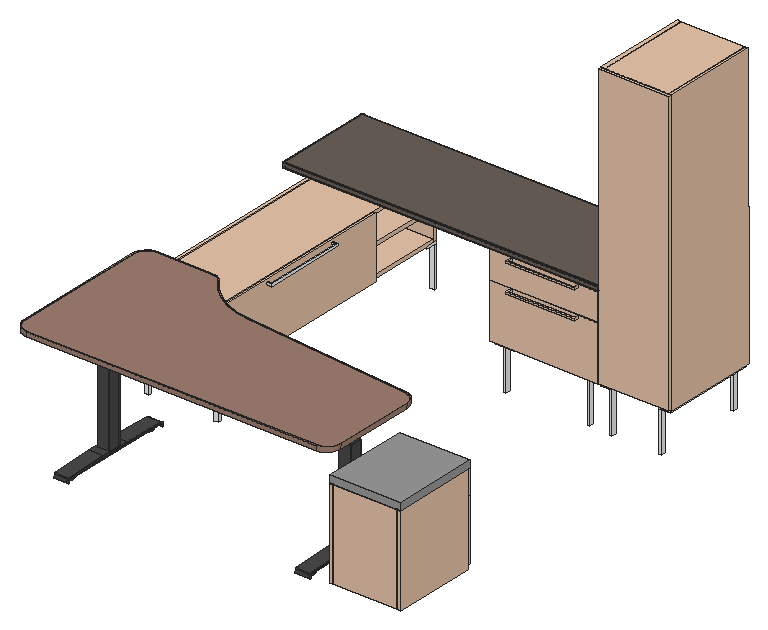
Revit family "OFS TYPICALS T100176", category Furniture, Revit 2022
Family settings
  OmniClass Number = 23.40.20.00
  OmniClass Title = General Furniture and Specialties
  Work Plane-Based = No
  Always vertical = Yes
  Cut with Voids When Loaded = No
  Render Appearance Source = Family Geometry
  Shared = No
  Room Calculation Point = No
Parameters (values of type "T100176")
  URL = "http://ofs.com/"
  Model = "T100176"
  Manufacturer = "OFS"
  Description = "OFS TYPICAL T100176"
  Default Elevation = 0' - 0"
  Copyright © = "©OFS 2024"
  Catalog = ""
  Authoring Version = "Autodesk Revit 2018"
  Assembly Code = "E2020200"
Reference planes (in)
  plane 1 "Center Front/Back": y = 0
  plane 2: z = 0
  plane 3 "Center Left/Right": x = 0
Dimensions and locks (in)
  nested 4 to nested 3 = 7' - 1.27582"
  nested 5 to nested 10 = 8' - 0"
  aligned and locked: level to plane 2
Nested families (in)
  nested 1: "STAKS MOBILE PEDESTAL" at (81.03721, -10.04414, 0) x (-1, 0, 0) z (0, 0, 1), type "STAKS MOBILE PEDESTAL Unfinished Top"
  nested 2: "STAKS SEAT CUSHION FOR MOBILE PEDESTAL" at (81.03721, -10.04414, 0) x (-1, 0, 0) z (0, 0, 1), type "STAKS SEAT CUSHION FOR MOBILE PEDESTAL"
  nested 3: "STAKS SINGLE DOOR STORAGE TOWERS" at (35.38012, 64.08365, 29.875), type "STAKS SINGLE DOOR STORAGE TOWER Right Hinged 62.5in"
    with Height Above Floor 3' - 6"
  nested 4: "OFS STAKS Stepped Credenza w Upper Organizer Left - 36+24W 16D - 6-6017SCBL" at (-16.11188, 5.94502, 0) x (0, 1, 0) z (0, 0, 1), type "Stepped Credenza Base Cabinet - 36+24W 23H 16D"
    with Standard Shelf Material OFS Materials - Hardwood - Cherry, Side 2 Standard Shelf yes, Side 2 Drawer yes, Side 1 Standard Shelf yes, Pull Material OFS Materials - Polished Aluminium - Dark, Legs Material OFS Materials - Polished Aluminium - Dark, Height Above Floor 1' - 11", Front Doors Material OFS Materials - Hardwood - Cherry, Chassis Material OFS Materials - Hardwood - Cherry, Back Material OFS Materials - Hardwood - Cherry
  nested 5: "STAKS RECTANGULAR WORKSURFACES Short Grain" at (-22.5832, 64.83365, 0), type "STAKS RECTANGULAR WORKSURFACE 22 x 69.625"
    with Height Above Floor 2' - 5"
  nested 6: "STAKS METAL BASE RECTANGULAR END" at (52.85144, 34.07002, 0) x (0, 1, 0) z (0, 0, 1), type "STAKS RECTANGULAR END METAL BASE"
    with Height Above Floor 0' - 9 1/2"
  nested 7: "STAKS LOW HEIGHT PEDESTAL WIDE - BOX-FILE - WITH RISER SUPPORT" at (21.64548, 42.99965, 5.75), type "STAKS LOW HEIGHT PEDESTAL WIDE - BOX-FILE - WITH RISER SUPPORT 24in W x 22in D"
  nested 8: "STAKS METAL BASE RECTANGULAR" at (23.81762, 47.70865, 0), type "STAKS RECTANGULAR METAL BASE"
    with Height Above Floor 0' - 9 1/2"
  nested 9: "STAKS RISER SUPPORT PANELS P _ T SHAPED" at (0, 57.37465, 0.375), type "STAKS RISER SUPPORT PANEL P SHAPE 10 X 9.5"
  nested 10: "OFS STAKS HEIGHT ADJUSTABLE WING TOP Right" at (20.11798, -17.62486, 0) x (-1, 0, 0) z (0, 0, 1), type "HA Wing Top Right 70x36"
  nested 11: "STAKS METAL BASE RECTANGULAR" at (61.42758, 47.70865, 0) x (-1, 0, 0) z (0, 0, 1), type "STAKS RECTANGULAR METAL BASE"
    with Height Above Floor 0' - 9 1/2"
  nested 12: "STAKS METAL BASE RECTANGULAR" at (23.81762, 56.29135, 0), type "STAKS RECTANGULAR METAL BASE"
    with Height Above Floor 0' - 9 1/2"
  nested 13: "STAKS METAL BASE RECTANGULAR" at (61.42758, 56.29135, 0) x (-1, 0, 0) z (0, 0, 1), type "STAKS RECTANGULAR METAL BASE"
    with Height Above Floor 0' - 9 1/2"
  nested 14: "STAKS METAL BASE RECTANGULAR END" at (72.01875, 34.07002, 0) x (0, 1, 0) z (0, 0, 1), type "STAKS RECTANGULAR END METAL BASE"
    with Height Above Floor 0' - 9 1/2"
Definition of nested family "STAKS MOBILE PEDESTAL"
  Parameters (values of type "STAKS MOBILE PEDESTAL Finished Top")
    Wheel Caster Material = none
    URL = "http://www.ofs.com/"
    Top Thickness = 0' - 1 1/8"
    Top Surface Material = none
    Surface = yes
    Riser Support = 0' - 0 1/2"
    Model = "6-1619MP7"
    Manufacturer = "OFS"
    Height = 1' - 8 1/4"
    Drawer Material = none
    Drawer Handle Width = 0' - 5 7/16"
    Drawer Handle Material = none
    Description = "OFS STAKS MOBILE PEDESTAL Finished Top, No Cushion"
    Width = 1' - 3 5/8"
    Depth = 1' - 7 1/4"
    Default Elevation = 0' - 0"
    DH2 = 0' - 6 1/2"
    DH1 = 1' - 2 3/8"
    Copyright © = "© 2018 OFS"
    Chasis Material = none
    Catalog = "https://ofs.com/products/casegoods/private-office/staks"
    Board Thickness = 0' - 0 3/4"
    Authoring Version = "Autodesk Revit Architecture 2013"
    Assembly Code = "E2020200"
  Types (2): name | Surface | Model | Description
    STAKS MOBILE PEDESTAL Finished Top | yes | "6-1619MP7" | "OFS STAKS MOBILE PEDESTAL Finished Top, No Cushion"
    STAKS MOBILE PEDESTAL Unfinished Top | no | "6-1619MP8" | "OFS STAKS MOBILE PEDESTAL Unfinished Top, Must use with Cushion"
  Reference planes (in)
    plane 1: z = 0
    plane 2 "Right": x = 20.97711
    plane 3: z = 20.125
    plane 4: z = 14.875
    plane 5: z = 14.75
    plane 6: z = 0.5
    plane 7: z = 14.5
    plane 8: z = 19.875
    plane 9: z = 14.031
    plane 10: z = 19.40625
    plane 11: x = 13.16461
    plane 12: y = 1.50035
    plane 13: y = 0.75035
    plane 14: x = 13.22711
    plane 15: x = 28.72661
    plane 16: x = 13.91461
    plane 17: y = 20.00035
    plane 18: x = 28.78961
    plane 19: x = 28.03961
    plane 20: x = 18.25836
    plane 21: x = 18.63336
    plane 22: x = 23.69586
    plane 23: x = 23.32086
    plane 24: y = -0.06215
    plane 25: y = -0.24965
    plane 26: z = 0.75
    plane 27: y = 19.25035
    plane 28: z = 1.25
    plane 29: z = 20.25
    plane 30: z = 21.375
    plane 31: z = 2.25
    plane 32: z = 3
  Forms (in)
    Extrusion 1, solid, material <- "Drawer Material"
      sketch origin (20.35211, 2.25, -7.68015) x (0, 1, 0) y (0, 0, 1)
        loop
          line (-1.49965, 27.80515) -> (-1.49965, 22.55515) -> (-0.74965, 22.55515) -> (-0.74965, 27.80515) -> (-1.49965, 27.80515)
      from -7.125 to 8.3745
    Extrusion 2, solid, material <- "Chasis Material"
      sketch origin (-3, -1.24965, 0) x (1, 0, 0) y (0, 0, 1)
        loop
          line (16.16461, 0.5) -> (16.91461, 0.5) -> (16.91461, 20.125) -> (16.16461, 20.125) -> (16.16461, 0.5)
      from -21.25 to -2.75
    Extrusion 3, solid, material <- "Chasis Material"
      sketch origin (19.35211, 31.02324, 0) x (0, 1, 0) y (0, 0, 1)
        loop
          line (-11.77289, 0.5) -> (-11.02289, 0.5) -> (-11.02289, 20.125) -> (-11.77289, 20.125) -> (-11.77289, 0.5)
      from -5.4375 to 8.6875
    Extrusion 4, solid, material <- "Drawer Handle Material"
      sketch origin (9, 0, 20.67137) x (1, 0, 0) y (0, 1, 0)
        loop
          line (9.25836, 0.75035) -> (9.25836, -0.24965) -> (14.69586, -0.24965) -> (14.69586, 0.75035) -> (14.32086, 0.75035) -> (14.32086, -0.06215) -> (9.63336, -0.06215) -> (9.63336, 0.75035) -> (9.25836, 0.75035)
      from -1.26512 to -0.79637
    Extrusion 5, solid, material <- "Chasis Material"
      sketch origin (0, 0, 0) x (1, 0, 0) y (0, 1, 0)
        loop
          line (28.78961, 20.00035) -> (28.03961, 20.00035) -> (28.03961, 1.50035) -> (28.78961, 1.50035) -> (28.78961, 20.00035)
      from 0.5 to 20.125
    Extrusion 6, solid, material <- "Chasis Material"
      sketch origin (-29.79592, -7.12465, 7.24693) x (1, 0, 0) y (0, 0, 1)
        loop
          line (43.71054, 12.15932) -> (57.83554, 12.15932) -> (57.83554, 12.87807) -> (43.71054, 12.87807) -> (43.71054, 12.15932)
      from -26.375 to -8.625
    Extrusion 7, solid, material <- "Chasis Material"
      sketch origin (-31.5409, -1.62465, -42.72261) x (1, 0, 0) y (0, 0, 1)
        loop
          line (45.45551, 44.97261) -> (59.58051, 44.97261) -> (59.58051, 45.72261) -> (45.45551, 45.72261) -> (45.45551, 44.97261)
      from -20.875 to -3.125
    Extrusion 8, solid
      sketch origin (0, 0, 0) x (1, 0, 0) y (0, 1, 0)
        loop
          line (28.72661, 20.00035) -> (28.03961, 20.00035) -> (28.03961, 1.50035) -> (28.72661, 1.50035) -> (28.72661, 20.00035)
        loop
          line (13.22711, 20.00035) -> (13.22711, 1.50035) -> (13.91461, 1.50035) -> (13.91461, 20.00035) -> (13.22711, 20.00035)
      from 20.125 to 20.25
    Extrusion 9, solid, material <- "Wheel Caster Material"
      sketch origin (-12.02289, 0, 0) x (0, 1, 0) y (0, 0, 1)
        loop
          circle (17.50791, 0.94006) r 0.94006
        loop
          arc (16.53801, 0.5) -> (17.50791, 2.00512) -> (18.47781, 0.5) r 1.06506
          line (18.47781, 0.5) -> (18.61362, 0.5)
          arc (18.61362, 0.5) -> (17.50791, 2.13012) -> (16.4022, 0.5) r 1.19006
          line (16.4022, 0.5) -> (16.53801, 0.5)
        loop
          circle (3.25244, 0.94006) r 0.94006
        loop
          arc (2.28254, 0.5) -> (3.25244, 2.00512) -> (4.22233, 0.5) r 1.06506
          line (4.22233, 0.5) -> (4.35815, 0.5)
          arc (4.35815, 0.5) -> (3.25244, 2.13012) -> (2.14673, 0.5) r 1.19006
          line (2.14673, 0.5) -> (2.28254, 0.5)
      from 26.37597 to 26.87077
    Extrusion 10, solid, material <- "Wheel Caster Material"
      sketch origin (-10.98383, 0, 0) x (0, 1, 0) y (0, 0, 1)
        loop
          circle (17.50791, 0.94006) r 0.94006
        loop
          arc (16.53801, 0.5) -> (17.50791, 2.00512) -> (18.47781, 0.5) r 1.06506
          line (18.47781, 0.5) -> (18.61362, 0.5)
          arc (18.61362, 0.5) -> (17.50791, 2.13012) -> (16.4022, 0.5) r 1.19006
          line (16.4022, 0.5) -> (16.53801, 0.5)
        loop
          circle (3.25244, 0.94006) r 0.94006
        loop
          arc (2.28254, 0.5) -> (3.25244, 2.00512) -> (4.22233, 0.5) r 1.06506
          line (4.22233, 0.5) -> (4.35815, 0.5)
          arc (4.35815, 0.5) -> (3.25244, 2.13012) -> (2.14673, 0.5) r 1.19006
          line (2.14673, 0.5) -> (2.28254, 0.5)
      from 26.37597 to 26.87077
    Extrusion 11, solid, material <- "Wheel Caster Material"
      sketch origin (53.97711, 0, 0) x (0, 1, 0) y (0, 0, -1)
        loop
          circle (17.50791, -0.94006) r 0.94006
        loop
          line (16.53801, -0.5) -> (16.4022, -0.5)
          arc (16.4022, -0.5) -> (17.50791, -2.13012) -> (18.61362, -0.5) r 1.19006
          line (18.61362, -0.5) -> (18.47781, -0.5)
          arc (18.47781, -0.5) -> (17.50791, -2.00512) -> (16.53801, -0.5) r 1.06506
        loop
          circle (3.25244, -0.94006) r 0.94006
        loop
          line (2.28254, -0.5) -> (2.14673, -0.5)
          arc (2.14673, -0.5) -> (3.25244, -2.13012) -> (4.35815, -0.5) r 1.19006
          line (4.35815, -0.5) -> (4.22233, -0.5)
          arc (4.22233, -0.5) -> (3.25244, -2.00512) -> (2.28254, -0.5) r 1.06506
      from 26.37597 to 26.87077
    Extrusion 12, solid, material <- "Wheel Caster Material"
      sketch origin (52.93805, 0, 0) x (0, 1, 0) y (0, 0, -1)
        loop
          circle (17.50791, -0.94006) r 0.94006
        loop
          line (16.53801, -0.5) -> (16.4022, -0.5)
          arc (16.4022, -0.5) -> (17.50791, -2.13012) -> (18.61362, -0.5) r 1.19006
          line (18.61362, -0.5) -> (18.47781, -0.5)
          arc (18.47781, -0.5) -> (17.50791, -2.00512) -> (16.53801, -0.5) r 1.06506
        loop
          circle (3.25244, -0.94006) r 0.94006
        loop
          line (2.28254, -0.5) -> (2.14673, -0.5)
          arc (2.14673, -0.5) -> (3.25244, -2.13012) -> (4.35815, -0.5) r 1.19006
          line (4.35815, -0.5) -> (4.22233, -0.5)
          arc (4.22233, -0.5) -> (3.25244, -2.00512) -> (2.28254, -0.5) r 1.06506
      from 26.37597 to 26.87077
    Extrusion 13, solid, material <- "Top Surface Material", visible <- "Surface"
      sketch origin (-25.91712, 0.87535, -18.36336) x (1, 0, 0) y (0, 0, 1)
        loop
          line (39.08173, 38.61336) -> (54.70673, 38.61336) -> (54.70673, 39.73836) -> (39.08173, 39.73836) -> (39.08173, 38.61336)
      from -19.125 to 0.125
    Extrusion 14, solid, material <- "Top Surface Material", visible <- "Surface"
      sketch origin (-25.91712, 0.87535, -24.36336) x (1, 0, 0) y (0, 0, 1)
        loop
          line (39.83173, 38.39436) -> (53.95673, 38.39436) -> (53.95673, 39.23836) -> (39.83173, 39.23836) -> (39.83173, 38.39436)
      from -18.375 to -0.625
    Extrusion 15, solid, material <- "Drawer Material"
      sketch origin (16.97736, 2.25, -16.30921) x (0, 1, 0) y (0, 0, 1)
        loop
          line (-1.49965, 31.05921) -> (-1.49965, 17.55921) -> (-0.74965, 17.55921) -> (-0.74965, 31.05921) -> (-1.49965, 31.05921)
      from -3.75025 to 11.74925
    Extrusion 16, solid, material <- "Drawer Handle Material"
      sketch origin (8.56588, 0, 18.20936) x (1, 0, 0) y (0, 1, 0)
        loop
          line (9.69248, 0.75035) -> (9.69248, -0.24965) -> (15.12998, -0.24965) -> (15.12998, 0.75035) -> (14.75498, 0.75035) -> (14.75498, -0.06215) -> (10.06748, -0.06215) -> (10.06748, 0.75035) -> (9.69248, 0.75035)
      from -4.17836 to -3.70936
  Dimensions and locks (in)
    "Board Thickness": plane 13 to plane 12
    locked: plane 11 to plane 14 at 0.0625
    "Board Thickness": plane 11 to plane 16
    locked: plane 15 to plane 18 at 0.063
    "Width": plane 11 to plane 18
    Extrusion 5 sketch curve to plane 18 = 0' - 0 3/4"
    "Board Thickness": plane 19 to plane 18
    equal spacing: plane 11, plane 2 "Right", plane 18
    locked: plane 20 to plane 21 at 0.375
    locked: plane 23 to plane 22 at 0.375
    equal spacing: plane 20, plane 2 "Right", plane 22
    "Drawer Handle Width": plane 20 to plane 22
    plane 25 to plane 24 to plane 13 = 0' - 0 3/16" locked, 0' - 0 13/16" locked
    "Riser Support": plane 6 to level
    "DH1": plane 4 to plane 6
    locked: plane 26 to plane 6 at 0.25
    "Board Thickness": plane 27 to plane 17
    "Depth": plane 13 to plane 17
    plane 4 to plane 5 to plane 7 to plane 9 = 0' - 0 1/8" locked, 0' - 0 1/4" locked, 0' - 0.469" locked
    plane 3 to plane 8 to plane 10 = 0' - 0 1/4" locked, 0' - 0 15/32" locked
    "Board Thickness": plane 28 to plane 6
    locked: plane 29 to plane 3 at 0.125
    "Top Thickness": plane 30 to plane 29
    "Height": plane 29 to level
    locked: plane 31 to plane 28 at 1
    locked: plane 32 to plane 31 at 0.75
    aligned and locked: level to plane 1
    aligned and locked: Extrusion 1 to plane 12
    aligned and locked: plane 13 to Extrusion 1
    aligned and locked: plane 15 to Extrusion 1
    aligned and locked: Extrusion 1 to plane 14
    aligned and locked: plane 12 to Extrusion 2
    aligned and locked: Extrusion 2 to plane 17
    aligned and locked: Extrusion 3 to plane 16
    aligned and locked: plane 16 to Extrusion 2
    aligned and locked: Extrusion 2 to plane 11
    aligned and locked: Extrusion 3 to plane 17
    aligned and locked: plane 19 to Extrusion 3
    aligned and locked: plane 3 to Extrusion 2
    aligned and locked: Extrusion 4 to plane 22
    aligned and locked: plane 23 to Extrusion 4
    aligned and locked: plane 21 to Extrusion 4
    aligned and locked: Extrusion 4 to plane 20
    aligned and locked: plane 24 to Extrusion 4
    aligned and locked: plane 3 to Extrusion 3
    aligned and locked: Extrusion 5 to plane 19
    aligned and locked: plane 3 to Extrusion 5
    aligned and locked: Extrusion 5 to plane 6
    aligned and locked: plane 3 to Extrusion 6
    aligned and locked: Extrusion 6 to plane 10
    aligned and locked: Extrusion 7 to plane 27
    aligned and locked: plane 12 to Extrusion 7
    aligned and locked: plane 19 to Extrusion 7
    aligned and locked: Extrusion 7 to plane 16
    aligned and locked: Extrusion 8 to plane 3
    aligned and locked: plane 29 to Extrusion 8
    aligned and locked: plane 3 to Extrusion 1
    aligned and locked: plane 8 to Extrusion 4
    aligned and locked: Extrusion 4 to plane 10
    aligned and locked: Extrusion 6 to plane 27
    aligned and locked: plane 12 to Extrusion 6
    aligned and locked: Extrusion 7 to plane 31
    aligned and locked: plane 32 to Extrusion 7
    aligned and locked: Extrusion 13 to plane 29
    aligned and locked: plane 30 to Extrusion 13
    aligned and locked: Extrusion 13 to plane 17
    aligned and locked: Extrusion 13 to plane 11
    aligned and locked: plane 18 to Extrusion 13
    aligned and locked: plane 13 to Extrusion 13
    aligned and locked: Extrusion 14 to plane 9
    aligned and locked: plane 4 to Extrusion 14
    aligned and locked: Extrusion 14 to plane 16
    aligned and locked: plane 19 to Extrusion 14
    aligned and locked: Extrusion 14 to plane 27
    aligned and locked: plane 12 to Extrusion 14
    aligned and locked: Extrusion 1 to plane 4
    aligned and locked: plane 5 to Extrusion 15
    aligned and locked: Extrusion 15 to plane 14
    aligned and locked: plane 15 to Extrusion 15
    aligned and locked: Extrusion 15 to plane 28
    aligned and locked: plane 21 to Extrusion 16
    aligned and locked: Extrusion 16 to plane 20
    aligned and locked: Extrusion 16 to plane 22
    aligned and locked: plane 23 to Extrusion 16
    aligned and locked: Extrusion 16 to plane 9
    aligned and locked: plane 7 to Extrusion 16
  Automatic sketch dimensions
    Extrusion 1 sketch curve to plane 3 = 0' - 0"
    Extrusion 1 sketch curve to plane 13 = 0' - 0"
    Extrusion 1 sketch curve to plane 4 = 0' - 0"
    Extrusion 1 sketch curve to plane 12 = 0' - 0"
    Extrusion 2 sketch curve to plane 6 = 0' - 0"
    Extrusion 2 sketch curve to plane 11 = 0' - 0"
    Extrusion 2 sketch curve to plane 3 = 0' - 0"
    Extrusion 2 sketch curve to plane 16 = 0' - 0"
    Extrusion 3 sketch curve to plane 6 = 0' - 0"
    Extrusion 3 sketch curve to plane 3 = 0' - 0"
    Extrusion 3 sketch curve to plane 17 = 0' - 0"
    plane 27 to Extrusion 3 sketch curve = 0' - 0"
    plane 13 to Extrusion 4 sketch curve = 0' - 0"  (x2)
    Extrusion 4 sketch curve to plane 20 = 0' - 0"
    Extrusion 4 sketch curve to plane 21 = 0' - 0"
    Extrusion 4 sketch curve to plane 23 = 0' - 0"
    Extrusion 4 sketch curve to plane 22 = 0' - 0"
    plane 25 to Extrusion 4 sketch curve = 0' - 0"
    plane 24 to Extrusion 4 sketch curve = 0' - 0"
    plane 12 to Extrusion 5 sketch curve = 0' - 0"
    Extrusion 5 sketch curve to plane 18 = 0' - 0"
    plane 17 to Extrusion 5 sketch curve = 0' - 0"
    Extrusion 6 sketch curve to plane 10 = 0' - 0"
    Extrusion 6 sketch curve to plane 16 = 0' - 0"
    Extrusion 6 sketch curve to plane 3 = 0' - 0"
    Extrusion 6 sketch curve to plane 19 = 0' - 0"
    Extrusion 7 sketch curve to plane 16 = 0' - 0"
    Extrusion 7 sketch curve to plane 19 = 0' - 0"
    Extrusion 7 sketch curve to plane 31 = 0' - 0"
    Extrusion 7 sketch curve to plane 32 = 0' - 0"
    plane 12 to Extrusion 8 sketch curve = 0' - 0"  (x2)
    Extrusion 8 sketch curve to plane 14 = 0' - 0"
    Extrusion 8 sketch curve to plane 16 = 0' - 0"
    plane 17 to Extrusion 8 sketch curve = 0' - 0"  (x2)
    Extrusion 8 sketch curve to plane 19 = 0' - 0"
    Extrusion 8 sketch curve to plane 15 = 0' - 0"
    Extrusion 9 sketch curve to Extrusion 9 sketch curve = 0' - 0"  (x12)
    Extrusion 9 sketch curve to plane 6 = 0' - 0"  (x6)
    Extrusion 9 sketch curve to plane 12 = 0' - 0.64638"
    Extrusion 9 sketch curve to Extrusion 9 sketch curve = 0' - 0.13581"  (x2)
    Extrusion 9 sketch curve to Extrusion 9 sketch curve = 0' - 1.93979"
    plane 27 to Extrusion 9 sketch curve = 0' - 2.84815"
    plane 26 to Extrusion 9 sketch curve = 0' - 0.19006"  (x2)
    Extrusion 9 sketch curve to Extrusion 9 sketch curve = 0' - 0.9699"
    Extrusion 10 sketch curve to Extrusion 10 sketch curve = 0' - 0"  (x12)
    Extrusion 10 sketch curve to plane 6 = 0' - 0"  (x6)
    Extrusion 10 sketch curve to plane 12 = 0' - 0.64638"
    Extrusion 10 sketch curve to Extrusion 10 sketch curve = 0' - 0.13581"  (x2)
    Extrusion 10 sketch curve to Extrusion 10 sketch curve = 0' - 1.93979"
    plane 27 to Extrusion 10 sketch curve = 0' - 2.84815"
    plane 26 to Extrusion 10 sketch curve = 0' - 0.19006"  (x2)
    Extrusion 10 sketch curve to Extrusion 10 sketch curve = 0' - 0.9699"
    Extrusion 11 sketch curve to Extrusion 11 sketch curve = 0' - 0"  (x12)
    Extrusion 11 sketch curve to plane 6 = 0' - 0"  (x6)
    Extrusion 11 sketch curve to plane 12 = 0' - 0.64638"
    Extrusion 11 sketch curve to Extrusion 11 sketch curve = 0' - 0.13581"  (x2)
    Extrusion 11 sketch curve to Extrusion 11 sketch curve = 0' - 1.93979"
    plane 27 to Extrusion 11 sketch curve = 0' - 2.84815"
    plane 26 to Extrusion 11 sketch curve = 0' - 0.19006"  (x2)
    Extrusion 11 sketch curve to Extrusion 11 sketch curve = 0' - 0.9699"
    Extrusion 12 sketch curve to Extrusion 12 sketch curve = 0' - 0"  (x12)
    Extrusion 12 sketch curve to plane 6 = 0' - 0"  (x6)
    Extrusion 12 sketch curve to plane 12 = 0' - 0.64638"
    Extrusion 12 sketch curve to Extrusion 12 sketch curve = 0' - 0.13581"  (x2)
    Extrusion 12 sketch curve to Extrusion 12 sketch curve = 0' - 1.93979"
    plane 27 to Extrusion 12 sketch curve = 0' - 2.84815"
    plane 26 to Extrusion 12 sketch curve = 0' - 0.19006"  (x2)
    Extrusion 12 sketch curve to Extrusion 12 sketch curve = 0' - 0.9699"
    Extrusion 13 sketch curve to plane 11 = 0' - 0"
    Extrusion 13 sketch curve to plane 18 = 0' - 0"
    Extrusion 13 sketch curve to plane 29 = 0' - 0"
    Extrusion 13 sketch curve to plane 30 = 0' - 0"
    Extrusion 14 sketch curve to plane 9 = 0' - 0"
    Extrusion 14 sketch curve to plane 16 = 0' - 0"
    Extrusion 14 sketch curve to plane 4 = 0' - 0"
    Extrusion 14 sketch curve to plane 19 = 0' - 0"
    Extrusion 15 sketch curve to plane 5 = 0' - 0"
    Extrusion 15 sketch curve to plane 13 = 0' - 0"
    Extrusion 15 sketch curve to plane 12 = 0' - 0"
    Extrusion 15 sketch curve to plane 28 = 0' - 0"
    plane 13 to Extrusion 16 sketch curve = 0' - 0"  (x2)
    plane 25 to Extrusion 16 sketch curve = 0' - 0"
    plane 24 to Extrusion 16 sketch curve = 0' - 0"
    Extrusion 16 sketch curve to plane 20 = 0' - 0"
    plane 20 to Extrusion 16 sketch curve = 0' - 0 3/8"
    plane 23 to Extrusion 16 sketch curve = 0' - 0"
    Extrusion 16 sketch curve to plane 23 = 0' - 0 3/8"
    radius of Extrusion 9 sketch curve = 0' - 0.94006"  (x2)
    radius of Extrusion 10 sketch curve = 0' - 0.94006"  (x2)
    radius of Extrusion 11 sketch curve = 0' - 0.94006"  (x2)
    radius of Extrusion 12 sketch curve = 0' - 0.94006"  (x2)
Definition of nested family "STAKS SEAT CUSHION FOR MOBILE PEDESTAL"
  Parameters (values of type "STAKS SEAT CUSHION FOR MOBILE PEDESTAL")
    URL = "http://www.ofs.com/"
    Default Elevation = 0' - 0"
    Cushion Thickness = 0' - 1 1/2"
    Cushion Material = none
    Model = "6-1619SC2"
    Manufacturer = "OFS"
    Height = 1' - 8 1/4"
    Description = "OFS STAKS SEAT CUSHION FOR MOBILE PEDESTAL,"
    Width = 1' - 3 5/8"
    Depth = 1' - 7 1/4"
    Copyright © = "© 2018 OFS"
    Catalog = "https://ofs.com/products/casegoods/private-office/staks"
    Authoring Version = "Autodesk Revit Architecture 2013"
    Assembly Code = "E2020200"
  Reference planes (in)
    plane 1: z = 0
    plane 2 "Right": x = 20.97711
    plane 3: x = 13.16461
    plane 4: y = 1.50035
    plane 5: y = 0.75035
    plane 6: y = 20.00035
    plane 7: x = 28.78961
    plane 8: y = -0.06215
    plane 9: y = -0.24965
    plane 10: y = 19.25035
    plane 11: z = 20.25
    plane 12: z = 21.75
  Forms (in)
    Extrusion 1, solid, material <- "Cushion Material"
      sketch origin (-25.91712, 0.87535, -18.36336) x (1, 0, 0) y (0, 0, 1)
        loop
          line (39.08173, 38.61336) -> (54.70673, 38.61336) -> (54.70673, 40.11336) -> (39.08173, 40.11336) -> (39.08173, 38.61336)
      from -19.125 to 0.125
  Dimensions and locks (in)
    locked: plane 5 to plane 4 at 0.75
    "Width": plane 3 to plane 7
    equal spacing: plane 3, plane 2 "Right", plane 7
    plane 9 to plane 8 to plane 5 = 0' - 0 3/16" locked, 0' - 0 13/16" locked
    locked: plane 10 to plane 6 at 0.75
    "Depth": plane 5 to plane 6
    "Cushion Thickness": plane 12 to plane 11
    "Height": plane 11 to level
    aligned and locked: level to plane 1
    aligned and locked: Extrusion 1 to plane 11
    aligned and locked: plane 12 to Extrusion 1
    aligned and locked: Extrusion 1 to plane 6
    aligned and locked: Extrusion 1 to plane 3
    aligned and locked: plane 7 to Extrusion 1
    aligned and locked: plane 5 to Extrusion 1
  Automatic sketch dimensions
    Extrusion 1 sketch curve to plane 3 = 0' - 0"
    Extrusion 1 sketch curve to plane 7 = 0' - 0"
    Extrusion 1 sketch curve to plane 11 = 0' - 0"
    Extrusion 1 sketch curve to plane 12 = 0' - 0"
Definition of nested family "STAKS SINGLE DOOR STORAGE TOWERS"
  Parameters (values of type "STAKS SINGLE DOOR STORAGE TOWER Right Hinged 54in")
    URL = "http://www.ofs.com/"
    Right Hinged = yes
    Left Hinged = no
    Height Above Floor [instance] = 4' - 6"
    Height = 4' - 6"
    Front Doors Material = none
    Default Elevation = 0' - 0"
    Back Material = none
    Depth = 1' - 9 7/8"
    Model = "6-1654RSC1"
    Manufacturer = "OFS"
    Description = "OFS STAKS SINGLE DOOR STORAGE TOWER, Right Hinged, 54in Height, Enhance Privacy, Support Worksurfaces and Store Personal Items"
    Width = 1' - 3 5/8"
    Copyright © = "© 2018 OFS"
    Catalog = "https://ofs.com/products/casegoods/private-office/staks"
    Board Material = none
    Board Thickness = 0' - 0 3/4"
    Authoring Version = "Autodesk Revit Architecture 2013"
    Assembly Code = "E2020200"
  Types (12): name | Right Hinged | Left Hinged | Height Above Floor | Height | Model | Description
    STAKS SINGLE DOOR STORAGE TOWER Left Hinged 42in | no | yes | 3' - 6" | 3' - 6" | "6-1642LSC1" | "OFS STAKS SINGLE DOOR STORAGE TOWER, Left Hinged, 42in Height, Enhance Privacy, Support Worksurfaces and Store Personal Items"
    STAKS SINGLE DOOR STORAGE TOWER Right Hinged 42in | yes | no | 3' - 6" | 3' - 6" | "6-1642RSC1" | "OFS STAKS SINGLE DOOR STORAGE TOWER, Right Hinged, 42in Height, Enhance Privacy, Support Worksurfaces and Store Personal Items"
    STAKS SINGLE DOOR STORAGE TOWER Left Hinged 48in | no | yes | 4' - 0" | 4' - 0" | "6-1648LSC1" | "OFS STAKS SINGLE DOOR STORAGE TOWER, Left Hinged, 48in Height, Enhance Privacy, Support Worksurfaces and Store Personal Items"
    STAKS SINGLE DOOR STORAGE TOWER Left Hinged 54in | no | yes | 4' - 6" | 4' - 6" | "6-1654LSC1" | "OFS STAKS SINGLE DOOR STORAGE TOWER, Left Hinged, 54in Height, Enhance Privacy, Support Worksurfaces and Store Personal Items"
    STAKS SINGLE DOOR STORAGE TOWER Left Hinged 62.5in | no | yes | 5' - 2 1/2" | 5' - 2 1/2" | "6-1663LSC1" | "OFS STAKS SINGLE DOOR STORAGE TOWER, Left Hinged, 62.5in Height, Enhance Privacy, Support Worksurfaces and Store Personal Items"
    STAKS SINGLE DOOR STORAGE TOWER Left Hinged 72in | no | yes | 6' - 0" | 6' - 0" | "6-1672LSC1" | "OFS STAKS SINGLE DOOR STORAGE TOWER, Left Hinged, 72in Height, Enhance Privacy, Support Worksurfaces and Store Personal Items"
    STAKS SINGLE DOOR STORAGE TOWER Left Hinged 84in | no | yes | 7' - 0" | 7' - 0" | "6-1684LSC1" | "OFS STAKS SINGLE DOOR STORAGE TOWER, Left Hinged, 84in Height, Enhance Privacy, Support Worksurfaces and Store Personal Items"
    STAKS SINGLE DOOR STORAGE TOWER Right Hinged 48in | yes | no | 4' - 0" | 4' - 0" | "6-1648RSC1" | "OFS STAKS SINGLE DOOR STORAGE TOWER, Right Hinged, 48in Height, Enhance Privacy, Support Worksurfaces and Store Personal Items"
    STAKS SINGLE DOOR STORAGE TOWER Right Hinged 54in | yes | no | 4' - 6" | 4' - 6" | "6-1654RSC1" | "OFS STAKS SINGLE DOOR STORAGE TOWER, Right Hinged, 54in Height, Enhance Privacy, Support Worksurfaces and Store Personal Items"
    STAKS SINGLE DOOR STORAGE TOWER Right Hinged 62.5in | yes | no | 5' - 2 1/2" | 5' - 2 1/2" | "6-1663RSC1" | "OFS STAKS SINGLE DOOR STORAGE TOWER, Right Hinged, 62.5in Height, Enhance Privacy, Support Worksurfaces and Store Personal Items"
    STAKS SINGLE DOOR STORAGE TOWER Right Hinged 72in | yes | no | 6' - 0" | 6' - 0" | "6-1672RSC1" | "OFS STAKS SINGLE DOOR STORAGE TOWER, Right Hinged, 72in Height, Enhance Privacy, Support Worksurfaces and Store Personal Items"
    STAKS SINGLE DOOR STORAGE TOWER Right Hinged 84in | yes | no | 7' - 0" | 7' - 0" | "6-1684RSC1" | "OFS STAKS SINGLE DOOR STORAGE TOWER, Right Hinged, 84in Height, Enhance Privacy, Support Worksurfaces and Store Personal Items"
  Reference planes (in)
    plane 1: z = -0.125
    plane 2 "LEFT": x = 19.24248
    plane 3 "RIGHT": x = 34.86748
    plane 4 "BACK": y = -1.83365
    plane 5 "FRONT": y = -22.20865
    plane 6: x = 19.99248
    plane 7: x = 34.11748
    plane 8: z = -0.125
    plane 9 "SURFACE TOP": z = 53.875
    plane 10: z = 0.625
    plane 11: x = 27.05498
    plane 12: z = 53.125
    plane 13: y = -12.02115
    plane 14: y = -11.64615
    plane 15: y = -12.39615
    plane 16: x = 27.42998
    plane 17: x = 26.67998
    plane 18: y = -1.08365
    plane 19: y = -22.95865
    plane 20: x = 34.80498
    plane 21: x = 19.30498
    plane 22: x = 27.08623
    plane 23: x = 27.02373
    plane 24: z = 0.125
    plane 25: z = 53.8125
  Forms (in)
    Extrusion 1, solid, material <- "Board Material"
      sketch origin (0, 0, 53.875) x (0, 1, 0) y (-1, 0, 0)
        loop
          line (-1.83365, -19.99248) -> (-22.20865, -19.99248) -> (-22.20865, -34.11748) -> (-1.83365, -34.11748) -> (-1.83365, -19.99248)
      from -53.25 to -54
    Extrusion 2, solid, material <- "Board Material"
      sketch origin (0, 0, 53.875) x (0, 1, 0) y (-1, 0, 0)
        loop
          line (-1.08365, -19.99248) -> (-1.08365, -19.24248) -> (-22.20865, -19.24248) -> (-22.20865, -19.99248) -> (-1.08365, -19.99248)
        loop
          line (-1.08365, -34.86748) -> (-1.08365, -34.11748) -> (-22.20865, -34.11748) -> (-22.20865, -34.86748) -> (-1.08365, -34.86748)
      from 0 to -54
    Extrusion 3, solid, material <- "Board Material"
      sketch origin (0, 0, 27.375) x (0, 1, 0) y (-1, 0, 0)
        loop
          line (-1.08365, -19.99248) -> (-22.20865, -19.99248) -> (-22.20865, -34.11748) -> (-1.08365, -34.11748) -> (-1.08365, -19.99248)
      from 26.5 to 25.75
    Extrusion 4, solid, material <- "Back Material"
      sketch origin (30.99601, 21.63396, 53.875) x (0, 1, 0) y (-1, 0, 0)
        loop
          line (-22.71762, 11.00353) -> (-23.46762, 11.00353) -> (-23.46762, -3.12147) -> (-22.71762, -3.12147) -> (-22.71762, 11.00353)
      from -0.75 to -54
    Extrusion 5, solid, material <- "Front Doors Material"
      sketch origin (38.64087, -10.89295, 53.875) x (0, 1, 0) y (-1, 0, 0)
        loop
          line (-11.3157, 3.83589) -> (-11.3157, 19.33589) -> (-12.0657, 19.33589) -> (-12.0657, 3.83589) -> (-11.3157, 3.83589)
      from -0.0625 to -53.75
  Lines and regions (in)
    symbolic lines, visible <- "Left Hinged"
      curve 1: arc (34.80498, -22.95865, 53.875) -> (34.63214, -25.26693, 53.875) -> (34.11748, -27.52372, 53.875) r 15.5
      curve 2: line (19.30498, -22.95865, 53.875) -> (34.11748, -27.52372, 53.875)
    symbolic lines, visible <- "Right Hinged"
      curve 3: arc (19.30498, -22.95865, 53.875) -> (19.47782, -25.26693, 53.875) -> (19.99248, -27.52372, 53.875) r 15.5
      curve 4: line (34.80498, -22.95865, 53.875) -> (19.99248, -27.52372, 53.875)
  Dimensions and locks (in)
    "Width": plane 2 "LEFT" to plane 3 "RIGHT"
    "Height": plane 9 "SURFACE TOP" to plane 8
    "Board Thickness": plane 2 "LEFT" to plane 6
    "Board Thickness": plane 7 to plane 3 "RIGHT"
    "Height Above Floor": plane 9 "SURFACE TOP" to level
    "Board Thickness": plane 10 to plane 8
    equal spacing: plane 2 "LEFT", plane 11, plane 3 "RIGHT"
    "Board Thickness": plane 9 "SURFACE TOP" to plane 12
    equal spacing: plane 4 "BACK", plane 13, plane 5 "FRONT"
    equal spacing: plane 14, plane 13, plane 15
    "Board Thickness": plane 14 to plane 15
    equal spacing: plane 17, plane 11, plane 16
    "Board Thickness": plane 17 to plane 16
    "Depth": plane 18 to plane 19
    "Board Thickness": plane 18 to plane 4 "BACK"
    "Board Thickness": plane 5 "FRONT" to plane 19
    locked: plane 20 to plane 3 "RIGHT" at 0.0625
    locked: plane 2 "LEFT" to plane 21 at 0.0625
    plane 23 to plane 11 to plane 22 = 0' - 0 1/32" locked, 0' - 0 1/32" locked
    locked: plane 24 to plane 8 at 0.25
    locked: plane 9 "SURFACE TOP" to plane 25 at 0.0625
    aligned: level to plane 1
    aligned and locked: Extrusion 1 sketch curve to plane 4 "BACK"
    aligned and locked: Extrusion 1 sketch curve to plane 6
    aligned and locked: plane 5 "FRONT" to Extrusion 1 sketch curve
    aligned and locked: Extrusion 1 sketch curve to plane 7
    aligned and locked: Extrusion 1 to plane 8
    aligned and locked: plane 10 to Extrusion 1
    aligned and locked: Extrusion 2 sketch curve to Extrusion 1  (x2)
    aligned and locked: Extrusion 2 sketch curve to plane 5 "FRONT"
    aligned and locked: Extrusion 2 sketch curve to plane 2 "LEFT"
    aligned and locked: Extrusion 2 sketch curve to plane 3 "RIGHT"
    aligned and locked: Extrusion 1 to Extrusion 2 sketch curve
    aligned and locked: plane 9 "SURFACE TOP" to Extrusion 3
    aligned and locked: Extrusion 3 to plane 12
    aligned and locked: Extrusion 3 to plane 5 "FRONT"
    aligned and locked: Extrusion 3 to plane 6
    aligned and locked: Extrusion 3 to plane 7
    aligned and locked: Extrusion 4 to plane 4 "BACK"
    aligned and locked: plane 18 to Extrusion 4
    aligned and locked: plane 5 "FRONT" to Extrusion 5
    aligned and locked: Extrusion 5 to plane 19
    aligned and locked: Extrusion 2 to plane 18  (x2)
    aligned and locked: Extrusion 3 to plane 18
    aligned and locked: plane 12 to Extrusion 4
    aligned and locked: Extrusion 5 to plane 24
    aligned and locked: Extrusion 4 to plane 6
    aligned and locked: plane 7 to Extrusion 4
    aligned and locked: Extrusion 4 to plane 8
    aligned and locked: plane 21 to Extrusion 5
    aligned and locked: plane 25 to Extrusion 5
    aligned and locked: Extrusion 2 to plane 8
    aligned and locked: plane 20 to Extrusion 5
  Automatic sketch dimensions
    Extrusion 2 sketch curve to plane 18 = 0' - 0"  (x2)
    Extrusion 3 sketch curve to plane 5 "FRONT" = 0' - 0"
    Extrusion 3 sketch curve to plane 6 = 0' - 0"
    Extrusion 3 sketch curve to plane 18 = 0' - 0"
    Extrusion 3 sketch curve to plane 7 = 0' - 0"
    Extrusion 4 sketch curve to plane 4 "BACK" = 0' - 0"
    Extrusion 4 sketch curve to plane 6 = 0' - 0"
    Extrusion 4 sketch curve to plane 18 = 0' - 0"
    Extrusion 4 sketch curve to plane 7 = 0' - 0"
    curve 4 to plane 6 = 0' - 0"
    curve 2 to plane 7 = 0' - 0"
    curve 2 to plane 19 = 0' - 0"
    curve 4 to plane 19 = 0' - 0"
    curve 4 to plane 20 = 0' - 0"
    curve 2 to plane 21 = 0' - 0"
    curve 3 to plane 20 = 0' - 0"
    curve 1 to plane 21 = 0' - 0"
    Extrusion 5 sketch curve to plane 19 = 0' - 0"
    Extrusion 5 sketch curve to plane 5 "FRONT" = 0' - 0"
    Extrusion 5 sketch curve to plane 21 = 0' - 0"
    Extrusion 5 sketch curve to plane 20 = 0' - 0"
Definition of nested family "OFS STAKS Stepped Credenza w Upper Organizer Left - 36+24W 16D - 6-6017SCBL"
  Parameters (values of type "Stepped Credenza Base Cabinet - 36+24W 23H 16D")
    W1 = 1' - 5 1/4"
    URL = "http://www.ofs.com/"
    Standard Shelf Material [instance] = none
    Side 2 Standard Shelf [instance] = yes
    Side 2 Drawer [instance] = yes
    Side 1 Standard Shelf [instance] = yes
    Pull Material [instance] = none
    Legs Material [instance] = none
    Height Above Floor [instance] = 1' - 11"
    Height = 1' - 1 1/2"
    Front Doors Material [instance] = none
    Depth = 1' - 4 3/8"
    Model = "6-6017SCBL"
    Manufacturer = "OFS"
    Description = "OFS STAKS Stepped Credenza w Upper Organizer Left - 36+24W 23H 17D"
    Width = 5' - 0"
    Default Elevation = 0' - 0"
    Copyright © = "© 2025 OFS"
    Chassis Material [instance] = none
    Catalog = "https://ofs.com/products/casegoods/private-office/staks"
    Board Thickness = 0' - 0 3/4"
    Back Material [instance] = none
    Authoring Version = "Autodesk Revit Architecture 2022"
    Assembly Code = "E2020200"
  Types (3): name | W1 | Side 2 Standard Shelf | Side 1 Standard Shelf | Height Above Floor | Height | Depth | Model | Description | Width | Copyright © | Authoring Version
    Stepped Credenza Base Cabinet - 36+24W 23H 16D | 1' - 5 1/4" | yes | yes | 1' - 11" | 1' - 1 1/2" | 1' - 4 3/8" | "6-6017SCBL" | "OFS STAKS Stepped Credenza w Upper Organizer Left - 36+24W 23H 17D" | 5' - 0" | "© 2025 OFS" | "Autodesk Revit Architecture 2022"
    STAKS 10H INDIVIDUAL SINGLE SIDED ORGANIZER 36in W Two Openings | 0' - 11 7/16" | no | no | 4' - 9 1/2" | 0' - 10" | 1' - 1 3/4" | "6-3610SSORG2" | "OFS STAKS 10H INDIVIDUAL SINGLE SIDED ORGANIZER 36in W Two 12.25\" Openings" | 3' - 0" | "© 2018 OFS" | "Autodesk Revit Architecture 2013"
    STAKS 10H INDIVIDUAL SINGLE SIDED ORGANIZER 42in W Two Openings | 0' - 11 7/16" | no | no | 4' - 9 1/2" | 0' - 10" | 1' - 1 3/4" | "6-4210SSORG2" | "OFS STAKS 10H INDIVIDUAL SINGLE SIDED ORGANIZER 42in W Two 12.25\" Openings" | 3' - 6" | "© 2018 OFS" | "Autodesk Revit Architecture 2013"
  Reference planes (in)
    plane 1: z = -0.125
    plane 2 "LEFT": x = -2.94502
    plane 3 "RIGHT": x = 57.05498
    plane 4 "BACK": y = -1.83365
    plane 5 "FRONT": y = -17.45865
    plane 6: x = -2.19502
    plane 7: x = 56.30498
    plane 8: z = 9.375
    plane 9 "SURFACE TOP": z = 22.875
    plane 10: z = 10.125
    plane 11: x = 27.05498
    plane 12: z = 22.125
    plane 13: y = -1.08365
    plane 14 "2": y = -18.20865
    plane 15: x = 39.05498
    plane 16: x = 38.67998
    plane 17: x = 39.42998
  Forms (in)
    Extrusion 1, solid, material <- "Chassis Material"
      sketch origin (0, 0, 22.875) x (0, 1, 0) y (-1, 0, 0)
        loop
          line (-1.83365, 2.19502) -> (-17.45865, 2.19502) -> (-17.45865, -56.30498) -> (-1.83365, -56.30498) -> (-1.83365, 2.19502)
      from -12.75 to -13.5
    Extrusion 2, solid, material <- "Chassis Material"
      sketch origin (0, 0, 22.875) x (0, 1, 0) y (-1, 0, 0)
        loop
          line (-1.83365, 2.19502) -> (-1.83365, 2.94502) -> (-17.45865, 2.94502) -> (-17.45865, 2.19502) -> (-1.83365, 2.19502)
        loop
          line (-1.83365, -57.05498) -> (-1.83365, -56.30498) -> (-17.45865, -56.30498) -> (-17.45865, -57.05498) -> (-1.83365, -57.05498)
      from 0 to -13.5
    Extrusion 3, solid, material <- "Chassis Material"
      sketch origin (0, 0, 27.375) x (0, 1, 0) y (-1, 0, 0)
        loop
          line (-1.83365, 2.19502) -> (-17.45865, 2.19502) -> (-17.45865, -56.30498) -> (-1.83365, -56.30498) -> (-1.83365, 2.19502)
      from -4.5 to -5.25
    Extrusion 4, solid, material <- "Back Material"
      sketch origin (-6.2932, 7.77146, 27.375) x (0, 1, 0) y (-1, 0, 0)
        loop
          line (-8.85511, -3.34819) -> (-9.60511, -3.34819) -> (-9.60511, -63.34819) -> (-8.85511, -63.34819) -> (-8.85511, -3.34819)
      from -4.5 to -18
    Extrusion 5, solid, material <- "Chassis Material"
      sketch origin (54.10996, 0, 22.875) x (0, 1, 0) y (-1, 0, 0)
        loop
          line (-1.83365, 14.67998) -> (-1.83365, 15.42998) -> (-17.45865, 15.42998) -> (-17.45865, 14.67998) -> (-1.83365, 14.67998)
      from -0.75 to -12.75
    Extrusion 6, solid, material <- "Front Doors Material", visible <- "Side 2 Drawer"
      sketch origin (60.40317, -8.60354, 27.375) x (0, 1, 0) y (-1, 0, 0)
        loop
          line (-8.85511, 20.97319) -> (-8.85511, 63.34819) -> (-9.60511, 63.34819) -> (-9.60511, 20.97319) -> (-8.85511, 20.97319)
      from -4.5 to -18
    Extrusion 7, solid, material <- "Standard Shelf Material", visible <- "Side 1 Standard Shelf"
      sketch origin (54.10996, 0, 29.25) x (0, 1, 0) y (-1, 0, 0)
        loop
          line (-1.83365, -2.19502) -> (-1.83365, 14.67998) -> (-17.45865, 14.67998) -> (-17.45865, -2.19502) -> (-1.83365, -2.19502)
      from -12.75 to -13.5
    Extrusion 8, solid, material <- "Standard Shelf Material", visible <- "Side 2 Standard Shelf"
      sketch origin (23.625, 0, 29.25) x (0, 1, 0) y (-1, 0, 0)
        loop
          line (-1.83365, 25.82002) -> (-17.45865, 25.82002) -> (-17.45865, -15.05498) -> (-1.83365, -15.05498) -> (-1.83365, 25.82002)
      from -12.75 to -13.5
    Extrusion 9, solid, material <- "Pull Material", visible <- "Side 2 Drawer"
      sketch origin (21.24248, -23.45865, 22.375) x (0, 1, 0) y (-1, 0, 0)
        loop
          line (4, 12.125) -> (4, -6.125) -> (5.25, -6.125) -> (5.25, -5.875) -> (4.25, -5.875) -> (4.25, 11.875) -> (5.25, 11.875) -> (5.25, 12.125) -> (4, 12.125)
      from -0.25 to 0.25
  Dimensions and locks (in)
    "Width": plane 2 "LEFT" to plane 3 "RIGHT"
    "Height": plane 9 "SURFACE TOP" to plane 8
    "Board Thickness": plane 2 "LEFT" to plane 6
    "Board Thickness": plane 7 to plane 3 "RIGHT"
    "Height Above Floor": plane 9 "SURFACE TOP" to level
    "Board Thickness": plane 10 to plane 8
    equal spacing: plane 2 "LEFT", plane 11, plane 3 "RIGHT"
    "Board Thickness": plane 9 "SURFACE TOP" to plane 12
    plane 4 "BACK" to plane 5 "FRONT" = 1' - 3 5/8"
    "Board Thickness": plane 13 to plane 4 "BACK"
    "Depth": plane 13 to plane 5 "FRONT"
    locked: plane 5 "FRONT" to plane 14 "2" at 0.75
    equal spacing: plane 17, plane 15, plane 16
    aligned: level to plane 1
    aligned and locked: Extrusion 1 sketch curve to plane 4 "BACK"
    aligned and locked: plane 6 to Extrusion 1 sketch curve
    aligned and locked: plane 5 "FRONT" to Extrusion 1 sketch curve
    aligned and locked: Extrusion 1 sketch curve to plane 7
    aligned and locked: Extrusion 1 to plane 8
    aligned and locked: Extrusion 1 to plane 10
    aligned and locked: Extrusion 1 to Extrusion 2 sketch curve  (x2)
    aligned and locked: Extrusion 2 sketch curve to Extrusion 1  (x2)
    aligned and locked: Extrusion 2 sketch curve to plane 5 "FRONT"
    aligned and locked: Extrusion 2 sketch curve to plane 2 "LEFT"
    aligned and locked: plane 4 "BACK" to Extrusion 2 sketch curve
    aligned and locked: plane 3 "RIGHT" to Extrusion 2 sketch curve
    aligned and locked: Extrusion 2 to plane 8
    aligned and locked: Extrusion 2 to plane 9 "SURFACE TOP"
    aligned and locked: Extrusion 3 to plane 9 "SURFACE TOP"
    aligned and locked: Extrusion 3 to plane 12
    aligned and locked: plane 4 "BACK" to Extrusion 3
    aligned and locked: Extrusion 3 to plane 5 "FRONT"
    aligned and locked: Extrusion 3 to plane 6
    aligned and locked: plane 7 to Extrusion 3
    aligned and locked: Extrusion 4 to plane 4 "BACK"
    aligned and locked: plane 13 to Extrusion 4
    aligned and locked: plane 3 "RIGHT" to Extrusion 4
    aligned and locked: Extrusion 4 to plane 2 "LEFT"
    aligned and locked: Extrusion 4 to plane 9 "SURFACE TOP"
    aligned and locked: Extrusion 4 to plane 8
    aligned and locked: Extrusion 5 to plane 16
    aligned and locked: Extrusion 6 to plane 17
    aligned and locked: plane 16 to Extrusion 8
  Automatic sketch dimensions
    Extrusion 3 sketch curve to plane 5 "FRONT" = 0' - 0"
    Extrusion 3 sketch curve to plane 4 "BACK" = 0' - 0"
    Extrusion 3 sketch curve to plane 7 = 0' - 0"
    Extrusion 3 sketch curve to plane 6 = 0' - 0"
    Extrusion 4 sketch curve to plane 2 "LEFT" = 0' - 0"
    Extrusion 4 sketch curve to plane 4 "BACK" = 0' - 0"
    Extrusion 4 sketch curve to plane 13 = 0' - 0"
    Extrusion 4 sketch curve to plane 3 "RIGHT" = 0' - 0"
    Extrusion 5 sketch curve to plane 5 "FRONT" = 0' - 0"
    Extrusion 5 sketch curve to plane 4 "BACK" = 0' - 0"
    Extrusion 5 sketch curve to plane 17 = 0' - 0"
    Extrusion 5 sketch curve to plane 16 = 0' - 0"
    Extrusion 6 sketch curve to plane 14 "2" = 0' - 0"
    Extrusion 6 sketch curve to plane 5 "FRONT" = 0' - 0"
    Extrusion 6 sketch curve to plane 17 = 0' - 0"
    Extrusion 6 sketch curve to plane 2 "LEFT" = 0' - 0"
    Extrusion 7 sketch curve to plane 5 "FRONT" = 0' - 0"
    Extrusion 7 sketch curve to plane 4 "BACK" = 0' - 0"
    Extrusion 7 sketch curve to plane 7 = 0' - 0"
    Extrusion 7 sketch curve to plane 17 = 0' - 0"
    Extrusion 8 sketch curve to plane 5 "FRONT" = 0' - 0"
    Extrusion 8 sketch curve to plane 4 "BACK" = 0' - 0"
    Extrusion 8 sketch curve to plane 16 = 0' - 0"
    Extrusion 8 sketch curve to plane 6 = 0' - 0"
    Extrusion 9 sketch curve to plane 14 "2" = 0' - 0"  (x2)
    plane 11 to Extrusion 9 sketch curve = 0' - 0 1/16"
    Extrusion 9 sketch curve to plane 14 "2" = 0' - 1"
    Extrusion 9 sketch curve to Extrusion 9 sketch curve = 0' - 0 1/4"  (x3)
    plane 6 to Extrusion 9 sketch curve = 0' - 11 9/16"
  Nested families (in)
    nested 1: "STAKS METAL BASE RECTANGULAR END" at (1.38863, -25.01363, 0) x (0, 1, 0) z (0, 0, 1), type "STAKS RECTANGULAR END METAL BASE"
      with Height Above Floor 0' - 9 1/2"
    nested 2: "STAKS METAL BASE RECTANGULAR END" at (52.72133, -25.01363, 0) x (0, 1, 0) z (0, 0, 1), type "STAKS RECTANGULAR END METAL BASE"
      with Height Above Floor 0' - 9 1/2"
  Definition of nested family "STAKS METAL BASE RECTANGULAR END"
    Parameters (values of type "STAKS RECTANGULAR END METAL BASE")
      URL = "http://www.ofs.com/"
      Metal Legs Material = none
      Height Above Floor [instance] = 0' - 9 1/2"
      Height = 0' - 9 1/2"
      Depth = 0' - 2 1/2"
      Model = "6-RELEG"
      Manufacturer = "OFS"
      Description = "OFS STAKS RECTANGULAR END METAL BASE, For use on End of 21.875\"D and 21.125\"D Pedestals"
      Width = 1' - 4 3/8"
      Default Elevation = 0' - 0"
      Copyright © = "© 2018 OFS"
      Catalog = "https://ofs.com/products/casegoods/private-office/staks"
      Authoring Version = "Autodesk Revit Architecture 2013"
      Assembly Code = "E2020200"
    Reference planes (in)
      plane 1: z = -0.125
      plane 2 "LEFT": x = 7.55498
      plane 3 "RIGHT": x = 23.92998
      plane 4 "BACK": y = -1.83365
      plane 5 "FRONT": y = -4.33365
      plane 6: x = 8.55498
      plane 7: x = 22.92998
      plane 8: y = -1.95865
      plane 9: y = -3.83365
      plane 10: z = -0.125
      plane 11 "SURFACE TOP": z = 9.375
      plane 12: z = 8.875
      plane 13: x = 17.99248
    Forms (in)
      Extrusion 1, solid, material <- "Metal Legs Material"
        sketch origin (0, 0, 17.125) x (-1, 0, 0) y (0, -1, 0)
          loop
            line (-7.55498, 1.83365) -> (-7.55498, 4.33365) -> (-23.92998, 4.33365) -> (-23.92998, 1.83365) -> (-7.55498, 1.83365)
        from -7.75 to -8.25
      Extrusion 2, solid, material <- "Metal Legs Material"
        sketch origin (0, 0, 9.375) x (0, 1, 0) y (-1, 0, 0)
          loop
            line (-3.83365, -8.55498) -> (-3.83365, -7.55498) -> (-4.33365, -7.55498) -> (-4.33365, -8.55498) -> (-3.83365, -8.55498)
          loop
            line (-4.33365, -23.92998) -> (-3.83365, -23.92998) -> (-3.83365, -22.92998) -> (-4.33365, -22.92998) -> (-4.33365, -23.92998)
        from -0.5 to -9.5
    Dimensions and locks (in)
      "Depth": plane 4 "BACK" to plane 5 "FRONT"
      "Width": plane 2 "LEFT" to plane 3 "RIGHT"
      "Height": plane 11 "SURFACE TOP" to plane 10
      locked: plane 4 "BACK" to plane 8 at 0.125
      locked: plane 2 "LEFT" to plane 6 at 1
      locked: plane 7 to plane 3 "RIGHT" at 1
      locked: plane 9 to plane 5 "FRONT" at 0.5
      "Height Above Floor": plane 11 "SURFACE TOP" to level
      plane 11 "SURFACE TOP" to plane 12 = 0' - 0 1/2"
      plane 2 "LEFT" to plane 13 to plane 3 "RIGHT" = 0' - 10 7/16", 0' - 5 15/16"
      aligned: level to plane 1
      aligned and locked: plane 11 "SURFACE TOP" to Extrusion 1
      aligned and locked: plane 4 "BACK" to Extrusion 1 sketch curve
      aligned and locked: Extrusion 1 sketch curve to plane 2 "LEFT"
      aligned and locked: Extrusion 1 sketch curve to plane 5 "FRONT"
      aligned and locked: plane 3 "RIGHT" to Extrusion 1 sketch curve
      aligned and locked: Extrusion 1 to plane 12
      aligned and locked: plane 9 to Extrusion 2 sketch curve
      aligned and locked: plane 6 to Extrusion 2 sketch curve
      aligned and locked: Extrusion 2 sketch curve to Extrusion 1  (x3)
      aligned and locked: Extrusion 1 to Extrusion 2 sketch curve
      aligned and locked: Extrusion 2 sketch curve to plane 9
      aligned and locked: plane 7 to Extrusion 2 sketch curve
      aligned and locked: Extrusion 2 to Extrusion 1
      aligned and locked: Extrusion 2 to level
Definition of nested family "STAKS RECTANGULAR WORKSURFACES Short Grain"
  Parameters (values of type "STAKS RECTANGULAR WORKSURFACE 22 x 15.625")
    URL = "http://www.ofs.com/"
    Height Above Floor [instance] = 2' - 5"
    Height = 0' - 1 1/8"
    Depth = 1' - 10"
    Model = "6-MCT-22/15.625"
    Manufacturer = "OFS"  # constant formula
    Description = "OFS STAKS 22 X 15.625 RECTANGULAR WORKSURFACE For Worksurface or Low Height Applications, Short Grain"
    Width = 1' - 3 5/8"
    Default Elevation = 0' - 0"
    Copyright © = "© 2018 OFS"  # constant formula
    Catalog = "https://ofs.com/products/casegoods/private-office/staks"  # constant formula
    Authoring Version = "Autodesk Revit Architecture 2013"
    Assembly Code = "E2020200"
  Types (24): name | Model | Description | Width
    STAKS RECTANGULAR WORKSURFACE 22 x 15.625 | "6-MCT-22/15.625" | "OFS STAKS 22 X 15.625 RECTANGULAR WORKSURFACE For Worksurface or Low Height Applications, Short Grain" | 1' - 3 5/8"
    STAKS RECTANGULAR WORKSURFACE 22 x 34 | "6-MCT-22/34" | "OFS STAKS 22 X 34 RECTANGULAR WORKSURFACE For Worksurface or Low Height Applications, Short Grain" | 2' - 10"
    STAKS RECTANGULAR WORKSURFACE 22 x 36 | "6-MCT-22/36" | "OFS STAKS 22 X 36 RECTANGULAR WORKSURFACE For Worksurface or Low Height Applications, Short Grain" | 3' - 0"
    STAKS RECTANGULAR WORKSURFACE 22 x 42 | "6-MCT-22/42" | "OFS STAKS 22 X 42 RECTANGULAR WORKSURFACE For Worksurface or Low Height Applications, Short Grain" | 3' - 6"
    STAKS RECTANGULAR WORKSURFACE 22 x 46 | "6-MCT-22/46" | "OFS STAKS 22 X 46 RECTANGULAR WORKSURFACE For Worksurface or Low Height Applications, Short Grain" | 3' - 10"
    STAKS RECTANGULAR WORKSURFACE 22 x 48 | "6-MCT-22/48" | "OFS STAKS 22 X 48 RECTANGULAR WORKSURFACE For Worksurface or Low Height Applications, Short Grain" | 4' - 0"
    STAKS RECTANGULAR WORKSURFACE 22 x 48.5 | "6-MCT-22/48.5" | "OFS STAKS 22 X 48.5 RECTANGULAR WORKSURFACE For Worksurface or Low Height Applications, Short Grain" | 4' - 0 1/2"
    STAKS RECTANGULAR WORKSURFACE 22 x 54 | "6-MCT-22/54" | "OFS STAKS 22 X 54 RECTANGULAR WORKSURFACE For Worksurface or Low Height Applications, Short Grain" | 4' - 6"
    STAKS RECTANGULAR WORKSURFACE 22 x 55.5 | "6-MCT-22/55.5" | "OFS STAKS 22 X 55.5 RECTANGULAR WORKSURFACE For Worksurface or Low Height Applications, Short Grain" | 4' - 7 1/2"
    STAKS RECTANGULAR WORKSURFACE 22 x 59 | "6-MCT-22/59" | "OFS STAKS 22 X 59 RECTANGULAR WORKSURFACE For Worksurface or Low Height Applications, Short Grain" | 4' - 11"
    STAKS RECTANGULAR WORKSURFACE 22 x 60 | "6-MCT-22/60" | "OFS STAKS 22 X 60 RECTANGULAR WORKSURFACE For Worksurface or Low Height Applications, Short Grain" | 5' - 0"
    STAKS RECTANGULAR WORKSURFACE 22 x 64 | "6-MCT-22/64" | "OFS STAKS 22 X 64 RECTANGULAR WORKSURFACE For Worksurface or Low Height Applications, Short Grain" | 5' - 4"
    STAKS RECTANGULAR WORKSURFACE 22 x 66 | "6-MCT-22/66" | "OFS STAKS 22 X 66 RECTANGULAR WORKSURFACE For Worksurface or Low Height Applications, Short Grain" | 5' - 6"
    STAKS RECTANGULAR WORKSURFACE 22 x 69.625 | "6-MCT-22/69.625" | "OFS STAKS 22 X 69.625 RECTANGULAR WORKSURFACE For Worksurface or Low Height Applications, Short Grain" | 5' - 9 5/8"
    STAKS RECTANGULAR WORKSURFACE 22 x 70.5 | "6-MCT-22/70.5" | "OFS STAKS 22 X 70.5 RECTANGULAR WORKSURFACE For Worksurface or Low Height Applications, Short Grain" | 5' - 10 1/2"
    STAKS RECTANGULAR WORKSURFACE 22 x 72 | "6-MCT-22/72" | "OFS STAKS 22 X 72 RECTANGULAR WORKSURFACE For Worksurface or Low Height Applications, Short Grain" | 6' - 0"
    STAKS RECTANGULAR WORKSURFACE 22 x 74 | "6-MCT-22/74" | "OFS STAKS 22 X 74 RECTANGULAR WORKSURFACE For Worksurface or Low Height Applications, Short Grain" | 6' - 2"
    STAKS RECTANGULAR WORKSURFACE 22 x 78 | "6-MCT-22/78" | "OFS STAKS 22 X 78 RECTANGULAR WORKSURFACE For Worksurface or Low Height Applications, Short Grain" | 6' - 6"
    STAKS RECTANGULAR WORKSURFACE 22 x 82.5 | "6-MCT-22/82.5" | "OFS STAKS 22 X 82.5 RECTANGULAR WORKSURFACE For Worksurface or Low Height Applications, Short Grain" | 6' - 10 1/2"
    STAKS RECTANGULAR WORKSURFACE 22 x 84 | "6-MCT-22/84" | "OFS STAKS 22 X 84 RECTANGULAR WORKSURFACE For Worksurface or Low Height Applications, Short Grain" | 7' - 0"
    STAKS RECTANGULAR WORKSURFACE 22 x 87.625 | "6-MCT-22/87.625" | "OFS STAKS 22 X 87.625 RECTANGULAR WORKSURFACE For Worksurface or Low Height Applications, Short Grain" | 7' - 3 5/8"
    STAKS RECTANGULAR WORKSURFACE 22 x 90 | "6-MCT-22/90" | "OFS STAKS 22 X 90 RECTANGULAR WORKSURFACE For Worksurface or Low Height Applications, Short Grain" | 7' - 6"
    STAKS RECTANGULAR WORKSURFACE 22 x 94 | "6-MCT-22/94" | "OFS STAKS 22 X 94 RECTANGULAR WORKSURFACE For Worksurface or Low Height Applications, Short Grain" | 7' - 10"
    STAKS RECTANGULAR WORKSURFACE 22 x 96 | "6-MCT-22/96" | "OFS STAKS 22 X 96 RECTANGULAR WORKSURFACE For Worksurface or Low Height Applications, Short Grain" | 8' - 0"
  Reference planes (in)
    plane 1: z = -0.125
    plane 2 "LEFT": x = 7.55498
    plane 3 "RIGHT": x = 23.17998
    plane 4 "BACK": y = -1.83365
    plane 5 "FRONT": y = -23.83365
    plane 6: x = 7.67998
    plane 7: x = 23.05498
    plane 8: y = -1.95865
    plane 9: y = -23.70865
    plane 10: z = 27.75
    plane 11 "SURFACE TOP": z = 28.875
  Forms (in)
    Extrusion 1, solid
      sketch origin (0, 0, 17.125) x (-1, 0, 0) y (0, -1, 0)
        loop
          line (-7.67998, 1.95865) -> (-7.67998, 23.70865) -> (-23.05498, 23.70865) -> (-23.05498, 1.95865) -> (-7.67998, 1.95865)
      from 11.75 to 10.625
    Sweep 2, solid
      path origin (0, 0, 28.875) x (0, 1, 0) y (-1, 0, 0)
        loop
          line (-23.83365, -7.55498) -> (-23.83365, -23.17998) -> (-1.83365, -23.17998) -> (-1.83365, -7.55498) -> (-23.83365, -7.55498)
      profile origin (15.36748, -23.83365, 28.875) x (0, 1, 0) y (0, 0, 1)
        loop
          arc (0.125, 0) -> (0.03661, -0.03661) -> (0, -0.125) r 0.125
          line (0, -0.125) -> (0, -1)
          arc (0, -1) -> (0.03661, -1.08839) -> (0.125, -1.125) r 0.125
          line (0.125, -1.125) -> (0.125, 0)
  Lines and regions (in)
    Masking region 1
      outline origin (0, 0, 16.625) x (-1, 0, 0) y (0, -1, 0)
        loop
          line (-7.67998, 1.95865) -> (-7.55498, 1.83365) -> (-7.55498, 23.83365) -> (-7.67998, 23.70865) -> (-7.67998, 1.95865)
    Masking region 2
      outline origin (0, 0, 16.625) x (-1, 0, 0) y (0, -1, 0)
        loop
          line (-7.55498, 1.83365) -> (-7.67998, 1.95865) -> (-23.05498, 1.95865) -> (-23.17998, 1.83365) -> (-7.55498, 1.83365)
    Masking region 3
      outline origin (0, 0, 16.625) x (-1, 0, 0) y (0, -1, 0)
        loop
          line (-23.17998, 1.83365) -> (-23.05498, 1.95865) -> (-23.05498, 23.70865) -> (-23.17998, 23.83365) -> (-23.17998, 1.83365)
    Masking region 4
      outline origin (0, 0, 16.625) x (-1, 0, 0) y (0, -1, 0)
        loop
          line (-23.17998, 23.83365) -> (-23.05498, 23.70865) -> (-7.67998, 23.70865) -> (-7.55498, 23.83365) -> (-23.17998, 23.83365)
    Masking region 5
      outline origin (0, 0, 16.625) x (-1, 0, 0) y (0, -1, 0)
        loop
          line (-23.05498, 23.70865) -> (-23.05498, 1.95865) -> (-7.67998, 1.95865) -> (-7.67998, 23.70865) -> (-23.05498, 23.70865)
  Dimensions and locks (in)
    "Depth": plane 4 "BACK" to plane 5 "FRONT"
    "Width": plane 2 "LEFT" to plane 3 "RIGHT"
    "Height": plane 11 "SURFACE TOP" to plane 10
    locked: plane 4 "BACK" to plane 8 at 0.125
    locked: plane 2 "LEFT" to plane 6 at 0.125
    locked: plane 7 to plane 3 "RIGHT" at 0.125
    locked: plane 9 to plane 5 "FRONT" at 0.125
    "Height Above Floor": plane 11 "SURFACE TOP" to level
    aligned: level to plane 1
    aligned and locked: plane 8 to Extrusion 1 sketch curve
    aligned and locked: Extrusion 1 sketch curve to plane 6
    aligned and locked: Extrusion 1 sketch curve to plane 9
    aligned and locked: plane 7 to Extrusion 1 sketch curve
    aligned and locked: plane 11 "SURFACE TOP" to Extrusion 1
